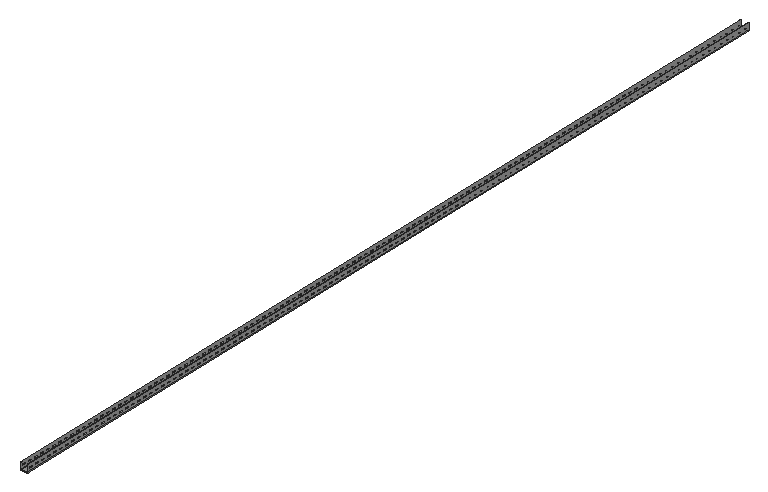
Revit family "U_stiel US 5 20 FT", category Generic Models, Revit 2017
Family settings
  Can host rebar = No
  Round Connector Dimension = Use Diameter
  Part Type = Normal
  Work Plane-Based = No
  Always vertical = Yes
  Cut with Voids When Loaded = No
  Shared = No
  Room Calculation Point = No
Parameters (values of type "US 5 600 FT")
  URL = "http://www.obo-bettermann.com"
  Material = Hot dip galvanised
  Manufacturer Art.No. = "6340997"
  Manufacturer = "OBO BETTERMANN"
  Length = 6000 mm
  GTIN = "4012196437719"
  Cut's space = 50 mm
  Cut's number = 120
  Article Type = "US 5 600 FT"
Reference planes
  plane 1 "Center (Front/Back)": y = 0
  plane 2: z = 0
  plane 3 "Center (Left/Right)": x = 0
  plane 4: y = 6000
  plane 5: y = 10
  plane 6: z = 25
  plane 7: z = 25
  plane 8: y = 9.875
  plane 9: z = 25
  plane 10: y = 59.875
  plane 11: z = 25
  plane 12: y = 109.875
  plane 13: z = 25
  plane 14: y = 159.875
  plane 15: y = 60
  plane 16: z = 25
  plane 17: y = 110
  plane 18: z = 25
  plane 19: y = 160
  plane 20: z = 25
  plane 21: y = 210
  plane 22: z = 25
  plane 23: y = 260
  plane 24: z = 25
  plane 25: y = 310
  plane 26: z = 25
  plane 27: y = 360
  plane 28: z = 25
  plane 29: y = 410
  plane 30: z = 25
  plane 31: y = 460
  plane 32: z = 25
  plane 33: y = 510
  plane 34: z = 25
  plane 35: y = 560
  plane 36: z = 25
  plane 37: y = 610
  plane 38: z = 25
  plane 39: y = 660
  plane 40: z = 25
  plane 41: y = 710
  plane 42: z = 25
  plane 43: y = 760
  plane 44: z = 25
  plane 45: y = 810
  plane 46: z = 25
  plane 47: y = 860
  plane 48: z = 25
  plane 49: y = 910
  plane 50: z = 25
  plane 51: y = 960
  plane 52: z = 25
  plane 53: y = 1010
  plane 54: z = 25
  plane 55: y = 1060
  plane 56: z = 25
  plane 57: y = 1110
  plane 58: z = 25
  plane 59: y = 1160
  plane 60: z = 25
  plane 61: y = 1210
  plane 62: z = 25
  plane 63: y = 1260
  plane 64: z = 25
  plane 65: y = 1310
  plane 66: z = 25
  plane 67: y = 1360
  plane 68: z = 25
  plane 69: y = 1410
  plane 70: z = 25
  plane 71: y = 1460
  plane 72: z = 25
  plane 73: y = 1510
  plane 74: z = 25
  plane 75: y = 1560
  plane 76: z = 25
  plane 77: y = 1610
  plane 78: z = 25
  plane 79: y = 1660
  plane 80: z = 25
  plane 81: y = 1710
  plane 82: z = 25
  plane 83: y = 1760
  plane 84: z = 25
  plane 85: y = 1810
  plane 86: z = 25
  plane 87: y = 1860
  plane 88: z = 25
  plane 89: y = 1910
  plane 90: z = 25
  plane 91: y = 1960
  plane 92: z = 25
  plane 93: y = 2010
  plane 94: z = 25
  plane 95: y = 2060
  plane 96: z = 25
  plane 97: y = 2110
  plane 98: z = 25
  plane 99: y = 2160
  plane 100: z = 25
  plane 101: y = 2210
  plane 102: z = 25
  plane 103: y = 2260
  plane 104: z = 25
  plane 105: y = 2310
  plane 106: z = 25
  plane 107: y = 2360
  plane 108: z = 25
  plane 109: y = 2410
  plane 110: z = 25
  plane 111: y = 2460
  plane 112: z = 25
  plane 113: y = 2510
  plane 114: z = 25
  plane 115: y = 2560
  plane 116: z = 25
  plane 117: y = 2610
  plane 118: z = 25
  plane 119: y = 2660
  plane 120: z = 25
  plane 121: y = 2710
  plane 122: z = 25
  plane 123: y = 2760
  plane 124: z = 25
  plane 125: y = 2810
  plane 126: z = 25
  plane 127: y = 2860
  plane 128: z = 25
  plane 129: y = 2910
  plane 130: z = 25
  plane 131: y = 2960
  plane 132: z = 25
  plane 133: y = 3010
  plane 134: z = 25
  plane 135: y = 3060
  plane 136: z = 25
  plane 137: y = 3110
  plane 138: z = 25
  plane 139: y = 3160
  plane 140: z = 25
  plane 141: y = 3210
  plane 142: z = 25
  plane 143: y = 3260
  plane 144: z = 25
  plane 145: y = 3310
  plane 146: z = 25
  plane 147: y = 3360
  plane 148: z = 25
  plane 149: y = 3410
  plane 150: z = 25
  plane 151: y = 3460
  plane 152: z = 25
  plane 153: y = 3510
  plane 154: z = 25
  plane 155: y = 3560
  plane 156: z = 25
  plane 157: y = 3610
  plane 158: z = 25
  plane 159: y = 3660
  plane 160: z = 25
  plane 161: y = 3710
  plane 162: z = 25
  plane 163: y = 3760
  plane 164: z = 25
  plane 165: y = 3810
  plane 166: z = 25
  plane 167: y = 3860
  plane 168: z = 25
  plane 169: y = 3910
  plane 170: z = 25
  plane 171: y = 3960
  plane 172: z = 25
  plane 173: y = 4010
  plane 174: z = 25
  plane 175: y = 4060
  plane 176: z = 25
  plane 177: y = 4110
  plane 178: z = 25
  plane 179: y = 4160
  plane 180: z = 25
  plane 181: y = 4210
  plane 182: z = 25
  plane 183: y = 4260
  plane 184: z = 25
  plane 185: y = 4310
  plane 186: z = 25
  plane 187: y = 4360
  plane 188: z = 25
  plane 189: y = 4410
  plane 190: z = 25
  plane 191: y = 4460
  plane 192: z = 25
  plane 193: y = 4510
  plane 194: z = 25
  plane 195: y = 4560
  plane 196: z = 25
  plane 197: y = 4610
  plane 198: z = 25
  plane 199: y = 4660
  plane 200: z = 25
  plane 201: y = 4710
  plane 202: z = 25
  plane 203: y = 4760
  plane 204: z = 25
  plane 205: y = 4810
  plane 206: z = 25
  plane 207: y = 4860
  plane 208: z = 25
  plane 209: y = 4910
  plane 210: z = 25
  plane 211: y = 4960
  plane 212: z = 25
  plane 213: y = 5010
  plane 214: z = 25
  plane 215: y = 5060
  plane 216: z = 25
  plane 217: y = 5110
  plane 218: z = 25
  plane 219: y = 5160
  plane 220: z = 25
  plane 221: y = 5210
  plane 222: z = 25
  plane 223: y = 5260
  plane 224: z = 25
  plane 225: y = 5310
  plane 226: z = 25
  plane 227: y = 5360
  plane 228: z = 25
  plane 229: y = 5410
  plane 230: z = 25
  plane 231: y = 5460
  plane 232: z = 25
  plane 233: y = 5510
  plane 234: z = 25
  plane 235: y = 5560
  plane 236: z = 25
  plane 237: y = 5610
  plane 238: z = 25
  plane 239: y = 5660
  plane 240: z = 25
  plane 241: y = 5710
  plane 242: z = 25
  plane 243: y = 5760
  plane 244: z = 25
  plane 245: y = 5810
  plane 246: z = 25
  plane 247: y = 5860
  plane 248: z = 25
  plane 249: y = 5910
  plane 250: z = 25
  plane 251: y = 5960
  plane 252: z = 25
  plane 253: z = 25
  plane 254: y = 209.875
  plane 255: z = 25
  plane 256: y = 259.875
  plane 257: z = 25
  plane 258: y = 309.875
  plane 259: z = 25
  plane 260: y = 359.875
  plane 261: z = 25
  plane 262: y = 409.875
  plane 263: z = 25
  plane 264: y = 459.875
  plane 265: z = 25
  plane 266: y = 509.875
  plane 267: z = 25
  plane 268: y = 559.875
  plane 269: z = 25
  plane 270: y = 609.875
  plane 271: z = 25
  plane 272: y = 659.875
  plane 273: z = 25
  plane 274: y = 709.875
  plane 275: z = 25
  plane 276: y = 759.875
  plane 277: z = 25
  plane 278: y = 809.875
  plane 279: z = 25
  plane 280: y = 859.875
  plane 281: z = 25
  plane 282: y = 909.875
  plane 283: z = 25
  plane 284: y = 959.875
  plane 285: z = 25
  plane 286: y = 1009.875
  plane 287: z = 25
  plane 288: y = 1059.875
  plane 289: z = 25
  plane 290: y = 1109.875
  plane 291: z = 25
  plane 292: y = 1159.875
  plane 293: z = 25
  plane 294: y = 1209.875
  plane 295: z = 25
  plane 296: y = 1259.875
  plane 297: z = 25
  plane 298: y = 1309.875
  plane 299: z = 25
  plane 300: y = 1359.875
  plane 301: z = 25
  plane 302: y = 1409.875
  plane 303: z = 25
  plane 304: y = 1459.875
  plane 305: z = 25
  plane 306: y = 1509.875
  plane 307: z = 25
  plane 308: y = 1559.875
  plane 309: z = 25
  plane 310: y = 1609.875
  plane 311: z = 25
  plane 312: y = 1659.875
  plane 313: z = 25
  plane 314: y = 1709.875
  plane 315: z = 25
  plane 316: y = 1759.875
  plane 317: z = 25
  plane 318: y = 1809.875
  plane 319: z = 25
  plane 320: y = 1859.875
  plane 321: z = 25
  plane 322: y = 1909.875
  plane 323: z = 25
  plane 324: y = 1959.875
  plane 325: z = 25
  plane 326: y = 2009.875
  plane 327: z = 25
  plane 328: y = 2059.875
  plane 329: z = 25
  plane 330: y = 2109.875
  plane 331: z = 25
  plane 332: y = 2159.875
  plane 333: z = 25
  plane 334: y = 2209.875
  plane 335: z = 25
  plane 336: y = 2259.875
  plane 337: z = 25
  plane 338: y = 2309.875
  plane 339: z = 25
  plane 340: y = 2359.875
  plane 341: z = 25
  plane 342: y = 2409.875
  plane 343: z = 25
  plane 344: y = 2459.875
  plane 345: z = 25
  plane 346: y = 2509.875
  plane 347: z = 25
  plane 348: y = 2559.875
  plane 349: z = 25
  plane 350: y = 2609.875
  plane 351: z = 25
  plane 352: y = 2659.875
  plane 353: z = 25
  plane 354: y = 2709.875
  plane 355: z = 25
  plane 356: y = 2759.875
  plane 357: z = 25
  plane 358: y = 2809.875
  plane 359: z = 25
  plane 360: y = 2859.875
  plane 361: z = 25
  plane 362: y = 2909.875
  plane 363: z = 25
  plane 364: y = 2959.875
  plane 365: z = 25
  plane 366: y = 3009.875
  plane 367: z = 25
  plane 368: y = 3059.875
  plane 369: z = 25
  plane 370: y = 3109.875
  plane 371: z = 25
  plane 372: y = 3159.875
  plane 373: z = 25
  plane 374: y = 3209.875
  plane 375: z = 25
  plane 376: y = 3259.875
  plane 377: z = 25
  plane 378: y = 3309.875
  plane 379: z = 25
  plane 380: y = 3359.875
  plane 381: z = 25
  plane 382: y = 3409.875
  plane 383: z = 25
  plane 384: y = 3459.875
  plane 385: z = 25
  plane 386: y = 3509.875
  plane 387: z = 25
  plane 388: y = 3559.875
  plane 389: z = 25
  plane 390: y = 3609.875
  plane 391: z = 25
  plane 392: y = 3659.875
  plane 393: z = 25
  plane 394: y = 3709.875
  plane 395: z = 25
  plane 396: y = 3759.875
  plane 397: z = 25
  plane 398: y = 3809.875
  plane 399: z = 25
  plane 400: y = 3859.875
  plane 401: z = 25
  plane 402: y = 3909.875
  plane 403: z = 25
  plane 404: y = 3959.875
  plane 405: z = 25
  plane 406: y = 4009.875
  plane 407: z = 25
  plane 408: y = 4059.875
  plane 409: z = 25
  plane 410: y = 4109.875
  plane 411: z = 25
  plane 412: y = 4159.875
  plane 413: z = 25
  plane 414: y = 4209.875
  plane 415: z = 25
  plane 416: y = 4259.875
  plane 417: z = 25
  plane 418: y = 4309.875
  plane 419: z = 25
  plane 420: y = 4359.875
  plane 421: z = 25
  plane 422: y = 4409.875
  plane 423: z = 25
  plane 424: y = 4459.875
  plane 425: z = 25
  plane 426: y = 4509.875
  plane 427: z = 25
  plane 428: y = 4559.875
  plane 429: z = 25
  plane 430: y = 4609.875
  plane 431: z = 25
  plane 432: y = 4659.875
  plane 433: z = 25
  plane 434: y = 4709.875
  plane 435: z = 25
  plane 436: y = 4759.875
  plane 437: z = 25
  plane 438: y = 4809.875
  plane 439: z = 25
  plane 440: y = 4859.875
  plane 441: z = 25
  plane 442: y = 4909.875
  plane 443: z = 25
  plane 444: y = 4959.875
  plane 445: z = 25
  plane 446: y = 5009.875
  plane 447: z = 25
  plane 448: y = 5059.875
  plane 449: z = 25
  plane 450: y = 5109.875
  plane 451: z = 25
  plane 452: y = 5159.875
  plane 453: z = 25
  plane 454: y = 5209.875
  plane 455: z = 25
  plane 456: y = 5259.875
  plane 457: z = 25
  plane 458: y = 5309.875
  plane 459: z = 25
  plane 460: y = 5359.875
  plane 461: z = 25
  plane 462: y = 5409.875
  plane 463: z = 25
  plane 464: y = 5459.875
  plane 465: z = 25
  plane 466: y = 5509.875
  plane 467: z = 25
  plane 468: y = 5559.875
  plane 469: z = 25
  plane 470: y = 5609.875
  plane 471: z = 25
  plane 472: y = 5659.875
  plane 473: z = 25
  plane 474: y = 5709.875
  plane 475: z = 25
  plane 476: y = 5759.875
  plane 477: z = 25
  plane 478: y = 5809.875
  plane 479: z = 25
  plane 480: y = 5859.875
  plane 481: z = 25
  plane 482: y = 5909.875
  plane 483: z = 25
  plane 484: y = 5959.875
Forms (mm)
  Extrusion 1, solid, material "Hot dip galvanised" <- "Material"
    sketch origin (0, 0, 0) x (1, 0, 0) y (0, 0, 1)
      loop
        line (4, 0) -> (46, 0)
        arc (46, 0) -> (48.828, 1.172) -> (50, 4) r 4
        line (50, 4) -> (50, 50) -> (47.5, 50) -> (47.5, 4)
        arc (47.5, 4) -> (47.061, 2.939) -> (46, 2.5) r 1.5
        line (46, 2.5) -> (4, 2.5)
        arc (4, 2.5) -> (2.939, 2.939) -> (2.5, 4) r 1.5
        line (2.5, 4) -> (2.5, 50) -> (0, 50) -> (0, 4)
        arc (0, 4) -> (1.172, 1.172) -> (4, 0) r 4
    from 0 to -6000
  Extrusion 2, void
    sketch origin (0, 0, 0) x (0, 1, 0) y (0, 0, 1)
      loop
        line (10, 30.5) -> (10, 19.5) -> (40, 19.5) -> (40, 30.5) -> (10, 30.5)
    from 47.5 to 50
  Extrusion 3, void
    sketch origin (0, 0, 0) x (0, 1, 0) y (0, 0, 1)
      loop
        line (10, 30.5) -> (10, 19.5) -> (40, 19.5) -> (40, 30.5) -> (10, 30.5)
    from 0 to 2.5
  Extrusion 4, void
    sketch origin (0, 50, 0) x (0, 1, 0) y (0, 0, 1)
      loop
        line (10, 30.5) -> (10, 19.5) -> (40, 19.5) -> (40, 30.5) -> (10, 30.5)
    from 0 to 2.5
  Extrusion 5, void
    sketch origin (0, 100, 0) x (0, 1, 0) y (0, 0, 1)
      loop
        line (10, 30.5) -> (10, 19.5) -> (40, 19.5) -> (40, 30.5) -> (10, 30.5)
    from 0 to 2.5
  Extrusion 6, void
    sketch origin (0, 150, 0) x (0, 1, 0) y (0, 0, 1)
      loop
        line (10, 30.5) -> (10, 19.5) -> (40, 19.5) -> (40, 30.5) -> (10, 30.5)
    from 0 to 2.5
  Extrusion 7, void
    sketch origin (0, 50, 0) x (0, 1, 0) y (0, 0, 1)
      loop
        line (10, 30.5) -> (10, 19.5) -> (40, 19.5) -> (40, 30.5) -> (10, 30.5)
    from 47.5 to 50
  Extrusion 8, void
    sketch origin (0, 100, 0) x (0, 1, 0) y (0, 0, 1)
      loop
        line (10, 30.5) -> (10, 19.5) -> (40, 19.5) -> (40, 30.5) -> (10, 30.5)
    from 47.5 to 50
  Extrusion 9, void
    sketch origin (0, 150, 0) x (0, 1, 0) y (0, 0, 1)
      loop
        line (10, 30.5) -> (10, 19.5) -> (40, 19.5) -> (40, 30.5) -> (10, 30.5)
    from 47.5 to 50
  Extrusion 10, void
    sketch origin (0, 200, 0) x (0, 1, 0) y (0, 0, 1)
      loop
        line (10, 30.5) -> (10, 19.5) -> (40, 19.5) -> (40, 30.5) -> (10, 30.5)
    from 47.5 to 50
  Extrusion 11, void
    sketch origin (0, 250, 0) x (0, 1, 0) y (0, 0, 1)
      loop
        line (10, 30.5) -> (10, 19.5) -> (40, 19.5) -> (40, 30.5) -> (10, 30.5)
    from 47.5 to 50
  Extrusion 12, void
    sketch origin (0, 300, 0) x (0, 1, 0) y (0, 0, 1)
      loop
        line (10, 30.5) -> (10, 19.5) -> (40, 19.5) -> (40, 30.5) -> (10, 30.5)
    from 47.5 to 50
  Extrusion 13, void
    sketch origin (0, 350, 0) x (0, 1, 0) y (0, 0, 1)
      loop
        line (10, 30.5) -> (10, 19.5) -> (40, 19.5) -> (40, 30.5) -> (10, 30.5)
    from 47.5 to 50
  Extrusion 14, void
    sketch origin (0, 400, 0) x (0, 1, 0) y (0, 0, 1)
      loop
        line (10, 30.5) -> (10, 19.5) -> (40, 19.5) -> (40, 30.5) -> (10, 30.5)
    from 47.5 to 50
  Extrusion 15, void
    sketch origin (0, 450, 0) x (0, 1, 0) y (0, 0, 1)
      loop
        line (10, 30.5) -> (10, 19.5) -> (40, 19.5) -> (40, 30.5) -> (10, 30.5)
    from 47.5 to 50
  Extrusion 16, void
    sketch origin (0, 500, 0) x (0, 1, 0) y (0, 0, 1)
      loop
        line (10, 30.5) -> (10, 19.5) -> (40, 19.5) -> (40, 30.5) -> (10, 30.5)
    from 47.5 to 50
  Extrusion 17, void
    sketch origin (0, 550, 0) x (0, 1, 0) y (0, 0, 1)
      loop
        line (10, 30.5) -> (10, 19.5) -> (40, 19.5) -> (40, 30.5) -> (10, 30.5)
    from 47.5 to 50
  Extrusion 18, void
    sketch origin (0, 600, 0) x (0, 1, 0) y (0, 0, 1)
      loop
        line (10, 30.5) -> (10, 19.5) -> (40, 19.5) -> (40, 30.5) -> (10, 30.5)
    from 47.5 to 50
  Extrusion 19, void
    sketch origin (0, 650, 0) x (0, 1, 0) y (0, 0, 1)
      loop
        line (10, 30.5) -> (10, 19.5) -> (40, 19.5) -> (40, 30.5) -> (10, 30.5)
    from 47.5 to 50
  Extrusion 20, void
    sketch origin (0, 700, 0) x (0, 1, 0) y (0, 0, 1)
      loop
        line (10, 30.5) -> (10, 19.5) -> (40, 19.5) -> (40, 30.5) -> (10, 30.5)
    from 47.5 to 50
  Extrusion 21, void
    sketch origin (0, 750, 0) x (0, 1, 0) y (0, 0, 1)
      loop
        line (10, 30.5) -> (10, 19.5) -> (40, 19.5) -> (40, 30.5) -> (10, 30.5)
    from 47.5 to 50
  Extrusion 22, void
    sketch origin (0, 800, 0) x (0, 1, 0) y (0, 0, 1)
      loop
        line (10, 30.5) -> (10, 19.5) -> (40, 19.5) -> (40, 30.5) -> (10, 30.5)
    from 47.5 to 50
  Extrusion 23, void
    sketch origin (0, 850, 0) x (0, 1, 0) y (0, 0, 1)
      loop
        line (10, 30.5) -> (10, 19.5) -> (40, 19.5) -> (40, 30.5) -> (10, 30.5)
    from 47.5 to 50
  Extrusion 24, void
    sketch origin (0, 900, 0) x (0, 1, 0) y (0, 0, 1)
      loop
        line (10, 30.5) -> (10, 19.5) -> (40, 19.5) -> (40, 30.5) -> (10, 30.5)
    from 47.5 to 50
  Extrusion 25, void
    sketch origin (0, 950, 0) x (0, 1, 0) y (0, 0, 1)
      loop
        line (10, 30.5) -> (10, 19.5) -> (40, 19.5) -> (40, 30.5) -> (10, 30.5)
    from 47.5 to 50
  Extrusion 26, void
    sketch origin (0, 1000, 0) x (0, 1, 0) y (0, 0, 1)
      loop
        line (10, 30.5) -> (10, 19.5) -> (40, 19.5) -> (40, 30.5) -> (10, 30.5)
    from 47.5 to 50
  Extrusion 27, void
    sketch origin (0, 1050, 0) x (0, 1, 0) y (0, 0, 1)
      loop
        line (10, 30.5) -> (10, 19.5) -> (40, 19.5) -> (40, 30.5) -> (10, 30.5)
    from 47.5 to 50
  Extrusion 28, void
    sketch origin (0, 1100, 0) x (0, 1, 0) y (0, 0, 1)
      loop
        line (10, 30.5) -> (10, 19.5) -> (40, 19.5) -> (40, 30.5) -> (10, 30.5)
    from 47.5 to 50
  Extrusion 29, void
    sketch origin (0, 1150, 0) x (0, 1, 0) y (0, 0, 1)
      loop
        line (10, 30.5) -> (10, 19.5) -> (40, 19.5) -> (40, 30.5) -> (10, 30.5)
    from 47.5 to 50
  Extrusion 30, void
    sketch origin (0, 1200, 0) x (0, 1, 0) y (0, 0, 1)
      loop
        line (10, 30.5) -> (10, 19.5) -> (40, 19.5) -> (40, 30.5) -> (10, 30.5)
    from 47.5 to 50
  Extrusion 31, void
    sketch origin (0, 1250, 0) x (0, 1, 0) y (0, 0, 1)
      loop
        line (10, 30.5) -> (10, 19.5) -> (40, 19.5) -> (40, 30.5) -> (10, 30.5)
    from 47.5 to 50
  Extrusion 32, void
    sketch origin (0, 1300, 0) x (0, 1, 0) y (0, 0, 1)
      loop
        line (10, 30.5) -> (10, 19.5) -> (40, 19.5) -> (40, 30.5) -> (10, 30.5)
    from 47.5 to 50
  Extrusion 33, void
    sketch origin (0, 1350, 0) x (0, 1, 0) y (0, 0, 1)
      loop
        line (10, 30.5) -> (10, 19.5) -> (40, 19.5) -> (40, 30.5) -> (10, 30.5)
    from 47.5 to 50
  Extrusion 34, void
    sketch origin (0, 1400, 0) x (0, 1, 0) y (0, 0, 1)
      loop
        line (10, 30.5) -> (10, 19.5) -> (40, 19.5) -> (40, 30.5) -> (10, 30.5)
    from 47.5 to 50
  Extrusion 35, void
    sketch origin (0, 1450, 0) x (0, 1, 0) y (0, 0, 1)
      loop
        line (10, 30.5) -> (10, 19.5) -> (40, 19.5) -> (40, 30.5) -> (10, 30.5)
    from 47.5 to 50
  Extrusion 36, void
    sketch origin (0, 1500, 0) x (0, 1, 0) y (0, 0, 1)
      loop
        line (10, 30.5) -> (10, 19.5) -> (40, 19.5) -> (40, 30.5) -> (10, 30.5)
    from 47.5 to 50
  Extrusion 37, void
    sketch origin (0, 1550, 0) x (0, 1, 0) y (0, 0, 1)
      loop
        line (10, 30.5) -> (10, 19.5) -> (40, 19.5) -> (40, 30.5) -> (10, 30.5)
    from 47.5 to 50
  Extrusion 38, void
    sketch origin (0, 1600, 0) x (0, 1, 0) y (0, 0, 1)
      loop
        line (10, 30.5) -> (10, 19.5) -> (40, 19.5) -> (40, 30.5) -> (10, 30.5)
    from 47.5 to 50
  Extrusion 39, void
    sketch origin (0, 1650, 0) x (0, 1, 0) y (0, 0, 1)
      loop
        line (10, 30.5) -> (10, 19.5) -> (40, 19.5) -> (40, 30.5) -> (10, 30.5)
    from 47.5 to 50
  Extrusion 40, void
    sketch origin (0, 1700, 0) x (0, 1, 0) y (0, 0, 1)
      loop
        line (10, 30.5) -> (10, 19.5) -> (40, 19.5) -> (40, 30.5) -> (10, 30.5)
    from 47.5 to 50
  Extrusion 41, void
    sketch origin (0, 1750, 0) x (0, 1, 0) y (0, 0, 1)
      loop
        line (10, 30.5) -> (10, 19.5) -> (40, 19.5) -> (40, 30.5) -> (10, 30.5)
    from 47.5 to 50
  Extrusion 42, void
    sketch origin (0, 1800, 0) x (0, 1, 0) y (0, 0, 1)
      loop
        line (10, 30.5) -> (10, 19.5) -> (40, 19.5) -> (40, 30.5) -> (10, 30.5)
    from 47.5 to 50
  Extrusion 43, void
    sketch origin (0, 1850, 0) x (0, 1, 0) y (0, 0, 1)
      loop
        line (10, 30.5) -> (10, 19.5) -> (40, 19.5) -> (40, 30.5) -> (10, 30.5)
    from 47.5 to 50
  Extrusion 44, void
    sketch origin (0, 1900, 0) x (0, 1, 0) y (0, 0, 1)
      loop
        line (10, 30.5) -> (10, 19.5) -> (40, 19.5) -> (40, 30.5) -> (10, 30.5)
    from 47.5 to 50
  Extrusion 45, void
    sketch origin (0, 1950, 0) x (0, 1, 0) y (0, 0, 1)
      loop
        line (10, 30.5) -> (10, 19.5) -> (40, 19.5) -> (40, 30.5) -> (10, 30.5)
    from 47.5 to 50
  Extrusion 46, void
    sketch origin (0, 2000, 0) x (0, 1, 0) y (0, 0, 1)
      loop
        line (10, 30.5) -> (10, 19.5) -> (40, 19.5) -> (40, 30.5) -> (10, 30.5)
    from 47.5 to 50
  Extrusion 47, void
    sketch origin (0, 2050, 0) x (0, 1, 0) y (0, 0, 1)
      loop
        line (10, 30.5) -> (10, 19.5) -> (40, 19.5) -> (40, 30.5) -> (10, 30.5)
    from 47.5 to 50
  Extrusion 48, void
    sketch origin (0, 2100, 0) x (0, 1, 0) y (0, 0, 1)
      loop
        line (10, 30.5) -> (10, 19.5) -> (40, 19.5) -> (40, 30.5) -> (10, 30.5)
    from 47.5 to 50
  Extrusion 49, void
    sketch origin (0, 2150, 0) x (0, 1, 0) y (0, 0, 1)
      loop
        line (10, 30.5) -> (10, 19.5) -> (40, 19.5) -> (40, 30.5) -> (10, 30.5)
    from 47.5 to 50
  Extrusion 50, void
    sketch origin (0, 2200, 0) x (0, 1, 0) y (0, 0, 1)
      loop
        line (10, 30.5) -> (10, 19.5) -> (40, 19.5) -> (40, 30.5) -> (10, 30.5)
    from 47.5 to 50
  Extrusion 51, void
    sketch origin (0, 2250, 0) x (0, 1, 0) y (0, 0, 1)
      loop
        line (10, 30.5) -> (10, 19.5) -> (40, 19.5) -> (40, 30.5) -> (10, 30.5)
    from 47.5 to 50
  Extrusion 52, void
    sketch origin (0, 2300, 0) x (0, 1, 0) y (0, 0, 1)
      loop
        line (10, 30.5) -> (10, 19.5) -> (40, 19.5) -> (40, 30.5) -> (10, 30.5)
    from 47.5 to 50
  Extrusion 53, void
    sketch origin (0, 2350, 0) x (0, 1, 0) y (0, 0, 1)
      loop
        line (10, 30.5) -> (10, 19.5) -> (40, 19.5) -> (40, 30.5) -> (10, 30.5)
    from 47.5 to 50
  Extrusion 54, void
    sketch origin (0, 2400, 0) x (0, 1, 0) y (0, 0, 1)
      loop
        line (10, 30.5) -> (10, 19.5) -> (40, 19.5) -> (40, 30.5) -> (10, 30.5)
    from 47.5 to 50
  Extrusion 55, void
    sketch origin (0, 2450, 0) x (0, 1, 0) y (0, 0, 1)
      loop
        line (10, 30.5) -> (10, 19.5) -> (40, 19.5) -> (40, 30.5) -> (10, 30.5)
    from 47.5 to 50
  Extrusion 56, void
    sketch origin (0, 2500, 0) x (0, 1, 0) y (0, 0, 1)
      loop
        line (10, 30.5) -> (10, 19.5) -> (40, 19.5) -> (40, 30.5) -> (10, 30.5)
    from 47.5 to 50
  Extrusion 57, void
    sketch origin (0, 2550, 0) x (0, 1, 0) y (0, 0, 1)
      loop
        line (10, 30.5) -> (10, 19.5) -> (40, 19.5) -> (40, 30.5) -> (10, 30.5)
    from 47.5 to 50
  Extrusion 58, void
    sketch origin (0, 2600, 0) x (0, 1, 0) y (0, 0, 1)
      loop
        line (10, 30.5) -> (10, 19.5) -> (40, 19.5) -> (40, 30.5) -> (10, 30.5)
    from 47.5 to 50
  Extrusion 59, void
    sketch origin (0, 2650, 0) x (0, 1, 0) y (0, 0, 1)
      loop
        line (10, 30.5) -> (10, 19.5) -> (40, 19.5) -> (40, 30.5) -> (10, 30.5)
    from 47.5 to 50
  Extrusion 60, void
    sketch origin (0, 2700, 0) x (0, 1, 0) y (0, 0, 1)
      loop
        line (10, 30.5) -> (10, 19.5) -> (40, 19.5) -> (40, 30.5) -> (10, 30.5)
    from 47.5 to 50
  Extrusion 61, void
    sketch origin (0, 2750, 0) x (0, 1, 0) y (0, 0, 1)
      loop
        line (10, 30.5) -> (10, 19.5) -> (40, 19.5) -> (40, 30.5) -> (10, 30.5)
    from 47.5 to 50
  Extrusion 62, void
    sketch origin (0, 2800, 0) x (0, 1, 0) y (0, 0, 1)
      loop
        line (10, 30.5) -> (10, 19.5) -> (40, 19.5) -> (40, 30.5) -> (10, 30.5)
    from 47.5 to 50
  Extrusion 63, void
    sketch origin (0, 2850, 0) x (0, 1, 0) y (0, 0, 1)
      loop
        line (10, 30.5) -> (10, 19.5) -> (40, 19.5) -> (40, 30.5) -> (10, 30.5)
    from 47.5 to 50
  Extrusion 64, void
    sketch origin (0, 2900, 0) x (0, 1, 0) y (0, 0, 1)
      loop
        line (10, 30.5) -> (10, 19.5) -> (40, 19.5) -> (40, 30.5) -> (10, 30.5)
    from 47.5 to 50
  Extrusion 65, void
    sketch origin (0, 2950, 0) x (0, 1, 0) y (0, 0, 1)
      loop
        line (10, 30.5) -> (10, 19.5) -> (40, 19.5) -> (40, 30.5) -> (10, 30.5)
    from 47.5 to 50
  Extrusion 66, void
    sketch origin (0, 3000, 0) x (0, 1, 0) y (0, 0, 1)
      loop
        line (10, 30.5) -> (10, 19.5) -> (40, 19.5) -> (40, 30.5) -> (10, 30.5)
    from 47.5 to 50
  Extrusion 67, void
    sketch origin (0, 3050, 0) x (0, 1, 0) y (0, 0, 1)
      loop
        line (10, 30.5) -> (10, 19.5) -> (40, 19.5) -> (40, 30.5) -> (10, 30.5)
    from 47.5 to 50
  Extrusion 68, void
    sketch origin (0, 3100, 0) x (0, 1, 0) y (0, 0, 1)
      loop
        line (10, 30.5) -> (10, 19.5) -> (40, 19.5) -> (40, 30.5) -> (10, 30.5)
    from 47.5 to 50
  Extrusion 69, void
    sketch origin (0, 3150, 0) x (0, 1, 0) y (0, 0, 1)
      loop
        line (10, 30.5) -> (10, 19.5) -> (40, 19.5) -> (40, 30.5) -> (10, 30.5)
    from 47.5 to 50
  Extrusion 70, void
    sketch origin (0, 3200, 0) x (0, 1, 0) y (0, 0, 1)
      loop
        line (10, 30.5) -> (10, 19.5) -> (40, 19.5) -> (40, 30.5) -> (10, 30.5)
    from 47.5 to 50
  Extrusion 71, void
    sketch origin (0, 3250, 0) x (0, 1, 0) y (0, 0, 1)
      loop
        line (10, 30.5) -> (10, 19.5) -> (40, 19.5) -> (40, 30.5) -> (10, 30.5)
    from 47.5 to 50
  Extrusion 72, void
    sketch origin (0, 3300, 0) x (0, 1, 0) y (0, 0, 1)
      loop
        line (10, 30.5) -> (10, 19.5) -> (40, 19.5) -> (40, 30.5) -> (10, 30.5)
    from 47.5 to 50
  Extrusion 73, void
    sketch origin (0, 3350, 0) x (0, 1, 0) y (0, 0, 1)
      loop
        line (10, 30.5) -> (10, 19.5) -> (40, 19.5) -> (40, 30.5) -> (10, 30.5)
    from 47.5 to 50
  Extrusion 74, void
    sketch origin (0, 3400, 0) x (0, 1, 0) y (0, 0, 1)
      loop
        line (10, 30.5) -> (10, 19.5) -> (40, 19.5) -> (40, 30.5) -> (10, 30.5)
    from 47.5 to 50
  Extrusion 75, void
    sketch origin (0, 3450, 0) x (0, 1, 0) y (0, 0, 1)
      loop
        line (10, 30.5) -> (10, 19.5) -> (40, 19.5) -> (40, 30.5) -> (10, 30.5)
    from 47.5 to 50
  Extrusion 76, void
    sketch origin (0, 3500, 0) x (0, 1, 0) y (0, 0, 1)
      loop
        line (10, 30.5) -> (10, 19.5) -> (40, 19.5) -> (40, 30.5) -> (10, 30.5)
    from 47.5 to 50
  Extrusion 77, void
    sketch origin (0, 3550, 0) x (0, 1, 0) y (0, 0, 1)
      loop
        line (10, 30.5) -> (10, 19.5) -> (40, 19.5) -> (40, 30.5) -> (10, 30.5)
    from 47.5 to 50
  Extrusion 78, void
    sketch origin (0, 3600, 0) x (0, 1, 0) y (0, 0, 1)
      loop
        line (10, 30.5) -> (10, 19.5) -> (40, 19.5) -> (40, 30.5) -> (10, 30.5)
    from 47.5 to 50
  Extrusion 79, void
    sketch origin (0, 3650, 0) x (0, 1, 0) y (0, 0, 1)
      loop
        line (10, 30.5) -> (10, 19.5) -> (40, 19.5) -> (40, 30.5) -> (10, 30.5)
    from 47.5 to 50
  Extrusion 80, void
    sketch origin (0, 3700, 0) x (0, 1, 0) y (0, 0, 1)
      loop
        line (10, 30.5) -> (10, 19.5) -> (40, 19.5) -> (40, 30.5) -> (10, 30.5)
    from 47.5 to 50
  Extrusion 81, void
    sketch origin (0, 3750, 0) x (0, 1, 0) y (0, 0, 1)
      loop
        line (10, 30.5) -> (10, 19.5) -> (40, 19.5) -> (40, 30.5) -> (10, 30.5)
    from 47.5 to 50
  Extrusion 82, void
    sketch origin (0, 3800, 0) x (0, 1, 0) y (0, 0, 1)
      loop
        line (10, 30.5) -> (10, 19.5) -> (40, 19.5) -> (40, 30.5) -> (10, 30.5)
    from 47.5 to 50
  Extrusion 83, void
    sketch origin (0, 3850, 0) x (0, 1, 0) y (0, 0, 1)
      loop
        line (10, 30.5) -> (10, 19.5) -> (40, 19.5) -> (40, 30.5) -> (10, 30.5)
    from 47.5 to 50
  Extrusion 84, void
    sketch origin (0, 3900, 0) x (0, 1, 0) y (0, 0, 1)
      loop
        line (10, 30.5) -> (10, 19.5) -> (40, 19.5) -> (40, 30.5) -> (10, 30.5)
    from 47.5 to 50
  Extrusion 85, void
    sketch origin (0, 3950, 0) x (0, 1, 0) y (0, 0, 1)
      loop
        line (10, 30.5) -> (10, 19.5) -> (40, 19.5) -> (40, 30.5) -> (10, 30.5)
    from 47.5 to 50
  Extrusion 86, void
    sketch origin (0, 4000, 0) x (0, 1, 0) y (0, 0, 1)
      loop
        line (10, 30.5) -> (10, 19.5) -> (40, 19.5) -> (40, 30.5) -> (10, 30.5)
    from 47.5 to 50
  Extrusion 87, void
    sketch origin (0, 4050, 0) x (0, 1, 0) y (0, 0, 1)
      loop
        line (10, 30.5) -> (10, 19.5) -> (40, 19.5) -> (40, 30.5) -> (10, 30.5)
    from 47.5 to 50
  Extrusion 88, void
    sketch origin (0, 4100, 0) x (0, 1, 0) y (0, 0, 1)
      loop
        line (10, 30.5) -> (10, 19.5) -> (40, 19.5) -> (40, 30.5) -> (10, 30.5)
    from 47.5 to 50
  Extrusion 89, void
    sketch origin (0, 4150, 0) x (0, 1, 0) y (0, 0, 1)
      loop
        line (10, 30.5) -> (10, 19.5) -> (40, 19.5) -> (40, 30.5) -> (10, 30.5)
    from 47.5 to 50
  Extrusion 90, void
    sketch origin (0, 4200, 0) x (0, 1, 0) y (0, 0, 1)
      loop
        line (10, 30.5) -> (10, 19.5) -> (40, 19.5) -> (40, 30.5) -> (10, 30.5)
    from 47.5 to 50
  Extrusion 91, void
    sketch origin (0, 4250, 0) x (0, 1, 0) y (0, 0, 1)
      loop
        line (10, 30.5) -> (10, 19.5) -> (40, 19.5) -> (40, 30.5) -> (10, 30.5)
    from 47.5 to 50
  Extrusion 92, void
    sketch origin (0, 4300, 0) x (0, 1, 0) y (0, 0, 1)
      loop
        line (10, 30.5) -> (10, 19.5) -> (40, 19.5) -> (40, 30.5) -> (10, 30.5)
    from 47.5 to 50
  Extrusion 93, void
    sketch origin (0, 4350, 0) x (0, 1, 0) y (0, 0, 1)
      loop
        line (10, 30.5) -> (10, 19.5) -> (40, 19.5) -> (40, 30.5) -> (10, 30.5)
    from 47.5 to 50
  Extrusion 94, void
    sketch origin (0, 4400, 0) x (0, 1, 0) y (0, 0, 1)
      loop
        line (10, 30.5) -> (10, 19.5) -> (40, 19.5) -> (40, 30.5) -> (10, 30.5)
    from 47.5 to 50
  Extrusion 95, void
    sketch origin (0, 4450, 0) x (0, 1, 0) y (0, 0, 1)
      loop
        line (10, 30.5) -> (10, 19.5) -> (40, 19.5) -> (40, 30.5) -> (10, 30.5)
    from 47.5 to 50
  Extrusion 96, void
    sketch origin (0, 4500, 0) x (0, 1, 0) y (0, 0, 1)
      loop
        line (10, 30.5) -> (10, 19.5) -> (40, 19.5) -> (40, 30.5) -> (10, 30.5)
    from 47.5 to 50
  Extrusion 97, void
    sketch origin (0, 4550, 0) x (0, 1, 0) y (0, 0, 1)
      loop
        line (10, 30.5) -> (10, 19.5) -> (40, 19.5) -> (40, 30.5) -> (10, 30.5)
    from 47.5 to 50
  Extrusion 98, void
    sketch origin (0, 4600, 0) x (0, 1, 0) y (0, 0, 1)
      loop
        line (10, 30.5) -> (10, 19.5) -> (40, 19.5) -> (40, 30.5) -> (10, 30.5)
    from 47.5 to 50
  Extrusion 99, void
    sketch origin (0, 4650, 0) x (0, 1, 0) y (0, 0, 1)
      loop
        line (10, 30.5) -> (10, 19.5) -> (40, 19.5) -> (40, 30.5) -> (10, 30.5)
    from 47.5 to 50
  Extrusion 100, void
    sketch origin (0, 4700, 0) x (0, 1, 0) y (0, 0, 1)
      loop
        line (10, 30.5) -> (10, 19.5) -> (40, 19.5) -> (40, 30.5) -> (10, 30.5)
    from 47.5 to 50
  Extrusion 101, void
    sketch origin (0, 4750, 0) x (0, 1, 0) y (0, 0, 1)
      loop
        line (10, 30.5) -> (10, 19.5) -> (40, 19.5) -> (40, 30.5) -> (10, 30.5)
    from 47.5 to 50
  Extrusion 102, void
    sketch origin (0, 4800, 0) x (0, 1, 0) y (0, 0, 1)
      loop
        line (10, 30.5) -> (10, 19.5) -> (40, 19.5) -> (40, 30.5) -> (10, 30.5)
    from 47.5 to 50
  Extrusion 103, void
    sketch origin (0, 4850, 0) x (0, 1, 0) y (0, 0, 1)
      loop
        line (10, 30.5) -> (10, 19.5) -> (40, 19.5) -> (40, 30.5) -> (10, 30.5)
    from 47.5 to 50
  Extrusion 104, void
    sketch origin (0, 4900, 0) x (0, 1, 0) y (0, 0, 1)
      loop
        line (10, 30.5) -> (10, 19.5) -> (40, 19.5) -> (40, 30.5) -> (10, 30.5)
    from 47.5 to 50
  Extrusion 105, void
    sketch origin (0, 4950, 0) x (0, 1, 0) y (0, 0, 1)
      loop
        line (10, 30.5) -> (10, 19.5) -> (40, 19.5) -> (40, 30.5) -> (10, 30.5)
    from 47.5 to 50
  Extrusion 106, void
    sketch origin (0, 5000, 0) x (0, 1, 0) y (0, 0, 1)
      loop
        line (10, 30.5) -> (10, 19.5) -> (40, 19.5) -> (40, 30.5) -> (10, 30.5)
    from 47.5 to 50
  Extrusion 107, void
    sketch origin (0, 5050, 0) x (0, 1, 0) y (0, 0, 1)
      loop
        line (10, 30.5) -> (10, 19.5) -> (40, 19.5) -> (40, 30.5) -> (10, 30.5)
    from 47.5 to 50
  Extrusion 108, void
    sketch origin (0, 5100, 0) x (0, 1, 0) y (0, 0, 1)
      loop
        line (10, 30.5) -> (10, 19.5) -> (40, 19.5) -> (40, 30.5) -> (10, 30.5)
    from 47.5 to 50
  Extrusion 109, void
    sketch origin (0, 5150, 0) x (0, 1, 0) y (0, 0, 1)
      loop
        line (10, 30.5) -> (10, 19.5) -> (40, 19.5) -> (40, 30.5) -> (10, 30.5)
    from 47.5 to 50
  Extrusion 110, void
    sketch origin (0, 5200, 0) x (0, 1, 0) y (0, 0, 1)
      loop
        line (10, 30.5) -> (10, 19.5) -> (40, 19.5) -> (40, 30.5) -> (10, 30.5)
    from 47.5 to 50
  Extrusion 111, void
    sketch origin (0, 5250, 0) x (0, 1, 0) y (0, 0, 1)
      loop
        line (10, 30.5) -> (10, 19.5) -> (40, 19.5) -> (40, 30.5) -> (10, 30.5)
    from 47.5 to 50
  Extrusion 112, void
    sketch origin (0, 5300, 0) x (0, 1, 0) y (0, 0, 1)
      loop
        line (10, 30.5) -> (10, 19.5) -> (40, 19.5) -> (40, 30.5) -> (10, 30.5)
    from 47.5 to 50
  Extrusion 113, void
    sketch origin (0, 5350, 0) x (0, 1, 0) y (0, 0, 1)
      loop
        line (10, 30.5) -> (10, 19.5) -> (40, 19.5) -> (40, 30.5) -> (10, 30.5)
    from 47.5 to 50
  Extrusion 114, void
    sketch origin (0, 5400, 0) x (0, 1, 0) y (0, 0, 1)
      loop
        line (10, 30.5) -> (10, 19.5) -> (40, 19.5) -> (40, 30.5) -> (10, 30.5)
    from 47.5 to 50
  Extrusion 115, void
    sketch origin (0, 5450, 0) x (0, 1, 0) y (0, 0, 1)
      loop
        line (10, 30.5) -> (10, 19.5) -> (40, 19.5) -> (40, 30.5) -> (10, 30.5)
    from 47.5 to 50
  Extrusion 116, void
    sketch origin (0, 5500, 0) x (0, 1, 0) y (0, 0, 1)
      loop
        line (10, 30.5) -> (10, 19.5) -> (40, 19.5) -> (40, 30.5) -> (10, 30.5)
    from 47.5 to 50
  Extrusion 117, void
    sketch origin (0, 5550, 0) x (0, 1, 0) y (0, 0, 1)
      loop
        line (10, 30.5) -> (10, 19.5) -> (40, 19.5) -> (40, 30.5) -> (10, 30.5)
    from 47.5 to 50
  Extrusion 118, void
    sketch origin (0, 5600, 0) x (0, 1, 0) y (0, 0, 1)
      loop
        line (10, 30.5) -> (10, 19.5) -> (40, 19.5) -> (40, 30.5) -> (10, 30.5)
    from 47.5 to 50
  Extrusion 119, void
    sketch origin (0, 5650, 0) x (0, 1, 0) y (0, 0, 1)
      loop
        line (10, 30.5) -> (10, 19.5) -> (40, 19.5) -> (40, 30.5) -> (10, 30.5)
    from 47.5 to 50
  Extrusion 120, void
    sketch origin (0, 5700, 0) x (0, 1, 0) y (0, 0, 1)
      loop
        line (10, 30.5) -> (10, 19.5) -> (40, 19.5) -> (40, 30.5) -> (10, 30.5)
    from 47.5 to 50
  Extrusion 121, void
    sketch origin (0, 5750, 0) x (0, 1, 0) y (0, 0, 1)
      loop
        line (10, 30.5) -> (10, 19.5) -> (40, 19.5) -> (40, 30.5) -> (10, 30.5)
    from 47.5 to 50
  Extrusion 122, void
    sketch origin (0, 5800, 0) x (0, 1, 0) y (0, 0, 1)
      loop
        line (10, 30.5) -> (10, 19.5) -> (40, 19.5) -> (40, 30.5) -> (10, 30.5)
    from 47.5 to 50
  Extrusion 123, void
    sketch origin (0, 5850, 0) x (0, 1, 0) y (0, 0, 1)
      loop
        line (10, 30.5) -> (10, 19.5) -> (40, 19.5) -> (40, 30.5) -> (10, 30.5)
    from 47.5 to 50
  Extrusion 124, void
    sketch origin (0, 5900, 0) x (0, 1, 0) y (0, 0, 1)
      loop
        line (10, 30.5) -> (10, 19.5) -> (40, 19.5) -> (40, 30.5) -> (10, 30.5)
    from 47.5 to 50
  Extrusion 125, void
    sketch origin (0, 5950, 0) x (0, 1, 0) y (0, 0, 1)
      loop
        line (10, 30.5) -> (10, 19.5) -> (40, 19.5) -> (40, 30.5) -> (10, 30.5)
    from 47.5 to 50
  Extrusion 126, void
    sketch origin (0, 200, 0) x (0, 1, 0) y (0, 0, 1)
      loop
        line (10, 30.5) -> (10, 19.5) -> (40, 19.5) -> (40, 30.5) -> (10, 30.5)
    from 0 to 2.5
  Extrusion 127, void
    sketch origin (0, 250, 0) x (0, 1, 0) y (0, 0, 1)
      loop
        line (10, 30.5) -> (10, 19.5) -> (40, 19.5) -> (40, 30.5) -> (10, 30.5)
    from 0 to 2.5
  Extrusion 128, void
    sketch origin (0, 300, 0) x (0, 1, 0) y (0, 0, 1)
      loop
        line (10, 30.5) -> (10, 19.5) -> (40, 19.5) -> (40, 30.5) -> (10, 30.5)
    from 0 to 2.5
  Extrusion 129, void
    sketch origin (0, 350, 0) x (0, 1, 0) y (0, 0, 1)
      loop
        line (10, 30.5) -> (10, 19.5) -> (40, 19.5) -> (40, 30.5) -> (10, 30.5)
    from 0 to 2.5
  Extrusion 130, void
    sketch origin (0, 400, 0) x (0, 1, 0) y (0, 0, 1)
      loop
        line (10, 30.5) -> (10, 19.5) -> (40, 19.5) -> (40, 30.5) -> (10, 30.5)
    from 0 to 2.5
  Extrusion 131, void
    sketch origin (0, 450, 0) x (0, 1, 0) y (0, 0, 1)
      loop
        line (10, 30.5) -> (10, 19.5) -> (40, 19.5) -> (40, 30.5) -> (10, 30.5)
    from 0 to 2.5
  Extrusion 132, void
    sketch origin (0, 500, 0) x (0, 1, 0) y (0, 0, 1)
      loop
        line (10, 30.5) -> (10, 19.5) -> (40, 19.5) -> (40, 30.5) -> (10, 30.5)
    from 0 to 2.5
  Extrusion 133, void
    sketch origin (0, 550, 0) x (0, 1, 0) y (0, 0, 1)
      loop
        line (10, 30.5) -> (10, 19.5) -> (40, 19.5) -> (40, 30.5) -> (10, 30.5)
    from 0 to 2.5
  Extrusion 134, void
    sketch origin (0, 600, 0) x (0, 1, 0) y (0, 0, 1)
      loop
        line (10, 30.5) -> (10, 19.5) -> (40, 19.5) -> (40, 30.5) -> (10, 30.5)
    from 0 to 2.5
  Extrusion 135, void
    sketch origin (0, 650, 0) x (0, 1, 0) y (0, 0, 1)
      loop
        line (10, 30.5) -> (10, 19.5) -> (40, 19.5) -> (40, 30.5) -> (10, 30.5)
    from 0 to 2.5
  Extrusion 136, void
    sketch origin (0, 700, 0) x (0, 1, 0) y (0, 0, 1)
      loop
        line (10, 30.5) -> (10, 19.5) -> (40, 19.5) -> (40, 30.5) -> (10, 30.5)
    from 0 to 2.5
  Extrusion 137, void
    sketch origin (0, 750, 0) x (0, 1, 0) y (0, 0, 1)
      loop
        line (10, 30.5) -> (10, 19.5) -> (40, 19.5) -> (40, 30.5) -> (10, 30.5)
    from 0 to 2.5
  Extrusion 138, void
    sketch origin (0, 800, 0) x (0, 1, 0) y (0, 0, 1)
      loop
        line (10, 30.5) -> (10, 19.5) -> (40, 19.5) -> (40, 30.5) -> (10, 30.5)
    from 0 to 2.5
  Extrusion 139, void
    sketch origin (0, 850, 0) x (0, 1, 0) y (0, 0, 1)
      loop
        line (10, 30.5) -> (10, 19.5) -> (40, 19.5) -> (40, 30.5) -> (10, 30.5)
    from 0 to 2.5
  Extrusion 140, void
    sketch origin (0, 900, 0) x (0, 1, 0) y (0, 0, 1)
      loop
        line (10, 30.5) -> (10, 19.5) -> (40, 19.5) -> (40, 30.5) -> (10, 30.5)
    from 0 to 2.5
  Extrusion 141, void
    sketch origin (0, 950, 0) x (0, 1, 0) y (0, 0, 1)
      loop
        line (10, 30.5) -> (10, 19.5) -> (40, 19.5) -> (40, 30.5) -> (10, 30.5)
    from 0 to 2.5
  Extrusion 142, void
    sketch origin (0, 1000, 0) x (0, 1, 0) y (0, 0, 1)
      loop
        line (10, 30.5) -> (10, 19.5) -> (40, 19.5) -> (40, 30.5) -> (10, 30.5)
    from 0 to 2.5
  Extrusion 143, void
    sketch origin (0, 1050, 0) x (0, 1, 0) y (0, 0, 1)
      loop
        line (10, 30.5) -> (10, 19.5) -> (40, 19.5) -> (40, 30.5) -> (10, 30.5)
    from 0 to 2.5
  Extrusion 144, void
    sketch origin (0, 1100, 0) x (0, 1, 0) y (0, 0, 1)
      loop
        line (10, 30.5) -> (10, 19.5) -> (40, 19.5) -> (40, 30.5) -> (10, 30.5)
    from 0 to 2.5
  Extrusion 145, void
    sketch origin (0, 1150, 0) x (0, 1, 0) y (0, 0, 1)
      loop
        line (10, 30.5) -> (10, 19.5) -> (40, 19.5) -> (40, 30.5) -> (10, 30.5)
    from 0 to 2.5
  Extrusion 146, void
    sketch origin (0, 1200, 0) x (0, 1, 0) y (0, 0, 1)
      loop
        line (10, 30.5) -> (10, 19.5) -> (40, 19.5) -> (40, 30.5) -> (10, 30.5)
    from 0 to 2.5
  Extrusion 147, void
    sketch origin (0, 1250, 0) x (0, 1, 0) y (0, 0, 1)
      loop
        line (10, 30.5) -> (10, 19.5) -> (40, 19.5) -> (40, 30.5) -> (10, 30.5)
    from 0 to 2.5
  Extrusion 148, void
    sketch origin (0, 1300, 0) x (0, 1, 0) y (0, 0, 1)
      loop
        line (10, 30.5) -> (10, 19.5) -> (40, 19.5) -> (40, 30.5) -> (10, 30.5)
    from 0 to 2.5
  Extrusion 149, void
    sketch origin (0, 1350, 0) x (0, 1, 0) y (0, 0, 1)
      loop
        line (10, 30.5) -> (10, 19.5) -> (40, 19.5) -> (40, 30.5) -> (10, 30.5)
    from 0 to 2.5
  Extrusion 150, void
    sketch origin (0, 1400, 0) x (0, 1, 0) y (0, 0, 1)
      loop
        line (10, 30.5) -> (10, 19.5) -> (40, 19.5) -> (40, 30.5) -> (10, 30.5)
    from 0 to 2.5
  Extrusion 151, void
    sketch origin (0, 1450, 0) x (0, 1, 0) y (0, 0, 1)
      loop
        line (10, 30.5) -> (10, 19.5) -> (40, 19.5) -> (40, 30.5) -> (10, 30.5)
    from 0 to 2.5
  Extrusion 152, void
    sketch origin (0, 1500, 0) x (0, 1, 0) y (0, 0, 1)
      loop
        line (10, 30.5) -> (10, 19.5) -> (40, 19.5) -> (40, 30.5) -> (10, 30.5)
    from 0 to 2.5
  Extrusion 153, void
    sketch origin (0, 1550, 0) x (0, 1, 0) y (0, 0, 1)
      loop
        line (10, 30.5) -> (10, 19.5) -> (40, 19.5) -> (40, 30.5) -> (10, 30.5)
    from 0 to 2.5
  Extrusion 154, void
    sketch origin (0, 1600, 0) x (0, 1, 0) y (0, 0, 1)
      loop
        line (10, 30.5) -> (10, 19.5) -> (40, 19.5) -> (40, 30.5) -> (10, 30.5)
    from 0 to 2.5
  Extrusion 155, void
    sketch origin (0, 1650, 0) x (0, 1, 0) y (0, 0, 1)
      loop
        line (10, 30.5) -> (10, 19.5) -> (40, 19.5) -> (40, 30.5) -> (10, 30.5)
    from 0 to 2.5
  Extrusion 156, void
    sketch origin (0, 1700, 0) x (0, 1, 0) y (0, 0, 1)
      loop
        line (10, 30.5) -> (10, 19.5) -> (40, 19.5) -> (40, 30.5) -> (10, 30.5)
    from 0 to 2.5
  Extrusion 157, void
    sketch origin (0, 1750, 0) x (0, 1, 0) y (0, 0, 1)
      loop
        line (10, 30.5) -> (10, 19.5) -> (40, 19.5) -> (40, 30.5) -> (10, 30.5)
    from 0 to 2.5
  Extrusion 158, void
    sketch origin (0, 1800, 0) x (0, 1, 0) y (0, 0, 1)
      loop
        line (10, 30.5) -> (10, 19.5) -> (40, 19.5) -> (40, 30.5) -> (10, 30.5)
    from 0 to 2.5
  Extrusion 159, void
    sketch origin (0, 1850, 0) x (0, 1, 0) y (0, 0, 1)
      loop
        line (10, 30.5) -> (10, 19.5) -> (40, 19.5) -> (40, 30.5) -> (10, 30.5)
    from 0 to 2.5
  Extrusion 160, void
    sketch origin (0, 1900, 0) x (0, 1, 0) y (0, 0, 1)
      loop
        line (10, 30.5) -> (10, 19.5) -> (40, 19.5) -> (40, 30.5) -> (10, 30.5)
    from 0 to 2.5
  Extrusion 161, void
    sketch origin (0, 1950, 0) x (0, 1, 0) y (0, 0, 1)
      loop
        line (10, 30.5) -> (10, 19.5) -> (40, 19.5) -> (40, 30.5) -> (10, 30.5)
    from 0 to 2.5
  Extrusion 162, void
    sketch origin (0, 2000, 0) x (0, 1, 0) y (0, 0, 1)
      loop
        line (10, 30.5) -> (10, 19.5) -> (40, 19.5) -> (40, 30.5) -> (10, 30.5)
    from 0 to 2.5
  Extrusion 163, void
    sketch origin (0, 2050, 0) x (0, 1, 0) y (0, 0, 1)
      loop
        line (10, 30.5) -> (10, 19.5) -> (40, 19.5) -> (40, 30.5) -> (10, 30.5)
    from 0 to 2.5
  Extrusion 164, void
    sketch origin (0, 2100, 0) x (0, 1, 0) y (0, 0, 1)
      loop
        line (10, 30.5) -> (10, 19.5) -> (40, 19.5) -> (40, 30.5) -> (10, 30.5)
    from 0 to 2.5
  Extrusion 165, void
    sketch origin (0, 2150, 0) x (0, 1, 0) y (0, 0, 1)
      loop
        line (10, 30.5) -> (10, 19.5) -> (40, 19.5) -> (40, 30.5) -> (10, 30.5)
    from 0 to 2.5
  Extrusion 166, void
    sketch origin (0, 2200, 0) x (0, 1, 0) y (0, 0, 1)
      loop
        line (10, 30.5) -> (10, 19.5) -> (40, 19.5) -> (40, 30.5) -> (10, 30.5)
    from 0 to 2.5
  Extrusion 167, void
    sketch origin (0, 2250, 0) x (0, 1, 0) y (0, 0, 1)
      loop
        line (10, 30.5) -> (10, 19.5) -> (40, 19.5) -> (40, 30.5) -> (10, 30.5)
    from 0 to 2.5
  Extrusion 168, void
    sketch origin (0, 2300, 0) x (0, 1, 0) y (0, 0, 1)
      loop
        line (10, 30.5) -> (10, 19.5) -> (40, 19.5) -> (40, 30.5) -> (10, 30.5)
    from 0 to 2.5
  Extrusion 169, void
    sketch origin (0, 2350, 0) x (0, 1, 0) y (0, 0, 1)
      loop
        line (10, 30.5) -> (10, 19.5) -> (40, 19.5) -> (40, 30.5) -> (10, 30.5)
    from 0 to 2.5
  Extrusion 170, void
    sketch origin (0, 2400, 0) x (0, 1, 0) y (0, 0, 1)
      loop
        line (10, 30.5) -> (10, 19.5) -> (40, 19.5) -> (40, 30.5) -> (10, 30.5)
    from 0 to 2.5
  Extrusion 171, void
    sketch origin (0, 2450, 0) x (0, 1, 0) y (0, 0, 1)
      loop
        line (10, 30.5) -> (10, 19.5) -> (40, 19.5) -> (40, 30.5) -> (10, 30.5)
    from 0 to 2.5
  Extrusion 172, void
    sketch origin (0, 2500, 0) x (0, 1, 0) y (0, 0, 1)
      loop
        line (10, 30.5) -> (10, 19.5) -> (40, 19.5) -> (40, 30.5) -> (10, 30.5)
    from 0 to 2.5
  Extrusion 173, void
    sketch origin (0, 2550, 0) x (0, 1, 0) y (0, 0, 1)
      loop
        line (10, 30.5) -> (10, 19.5) -> (40, 19.5) -> (40, 30.5) -> (10, 30.5)
    from 0 to 2.5
  Extrusion 174, void
    sketch origin (0, 2600, 0) x (0, 1, 0) y (0, 0, 1)
      loop
        line (10, 30.5) -> (10, 19.5) -> (40, 19.5) -> (40, 30.5) -> (10, 30.5)
    from 0 to 2.5
  Extrusion 175, void
    sketch origin (0, 2650, 0) x (0, 1, 0) y (0, 0, 1)
      loop
        line (10, 30.5) -> (10, 19.5) -> (40, 19.5) -> (40, 30.5) -> (10, 30.5)
    from 0 to 2.5
  Extrusion 176, void
    sketch origin (0, 2700, 0) x (0, 1, 0) y (0, 0, 1)
      loop
        line (10, 30.5) -> (10, 19.5) -> (40, 19.5) -> (40, 30.5) -> (10, 30.5)
    from 0 to 2.5
  Extrusion 177, void
    sketch origin (0, 2750, 0) x (0, 1, 0) y (0, 0, 1)
      loop
        line (10, 30.5) -> (10, 19.5) -> (40, 19.5) -> (40, 30.5) -> (10, 30.5)
    from 0 to 2.5
  Extrusion 178, void
    sketch origin (0, 2800, 0) x (0, 1, 0) y (0, 0, 1)
      loop
        line (10, 30.5) -> (10, 19.5) -> (40, 19.5) -> (40, 30.5) -> (10, 30.5)
    from 0 to 2.5
  Extrusion 179, void
    sketch origin (0, 2850, 0) x (0, 1, 0) y (0, 0, 1)
      loop
        line (10, 30.5) -> (10, 19.5) -> (40, 19.5) -> (40, 30.5) -> (10, 30.5)
    from 0 to 2.5
  Extrusion 180, void
    sketch origin (0, 2900, 0) x (0, 1, 0) y (0, 0, 1)
      loop
        line (10, 30.5) -> (10, 19.5) -> (40, 19.5) -> (40, 30.5) -> (10, 30.5)
    from 0 to 2.5
  Extrusion 181, void
    sketch origin (0, 2950, 0) x (0, 1, 0) y (0, 0, 1)
      loop
        line (10, 30.5) -> (10, 19.5) -> (40, 19.5) -> (40, 30.5) -> (10, 30.5)
    from 0 to 2.5
  Extrusion 182, void
    sketch origin (0, 3000, 0) x (0, 1, 0) y (0, 0, 1)
      loop
        line (10, 30.5) -> (10, 19.5) -> (40, 19.5) -> (40, 30.5) -> (10, 30.5)
    from 0 to 2.5
  Extrusion 183, void
    sketch origin (0, 3050, 0) x (0, 1, 0) y (0, 0, 1)
      loop
        line (10, 30.5) -> (10, 19.5) -> (40, 19.5) -> (40, 30.5) -> (10, 30.5)
    from 0 to 2.5
  Extrusion 184, void
    sketch origin (0, 3100, 0) x (0, 1, 0) y (0, 0, 1)
      loop
        line (10, 30.5) -> (10, 19.5) -> (40, 19.5) -> (40, 30.5) -> (10, 30.5)
    from 0 to 2.5
  Extrusion 185, void
    sketch origin (0, 3150, 0) x (0, 1, 0) y (0, 0, 1)
      loop
        line (10, 30.5) -> (10, 19.5) -> (40, 19.5) -> (40, 30.5) -> (10, 30.5)
    from 0 to 2.5
  Extrusion 186, void
    sketch origin (0, 3200, 0) x (0, 1, 0) y (0, 0, 1)
      loop
        line (10, 30.5) -> (10, 19.5) -> (40, 19.5) -> (40, 30.5) -> (10, 30.5)
    from 0 to 2.5
  Extrusion 187, void
    sketch origin (0, 3250, 0) x (0, 1, 0) y (0, 0, 1)
      loop
        line (10, 30.5) -> (10, 19.5) -> (40, 19.5) -> (40, 30.5) -> (10, 30.5)
    from 0 to 2.5
  Extrusion 188, void
    sketch origin (0, 3300, 0) x (0, 1, 0) y (0, 0, 1)
      loop
        line (10, 30.5) -> (10, 19.5) -> (40, 19.5) -> (40, 30.5) -> (10, 30.5)
    from 0 to 2.5
  Extrusion 189, void
    sketch origin (0, 3350, 0) x (0, 1, 0) y (0, 0, 1)
      loop
        line (10, 30.5) -> (10, 19.5) -> (40, 19.5) -> (40, 30.5) -> (10, 30.5)
    from 0 to 2.5
  Extrusion 190, void
    sketch origin (0, 3400, 0) x (0, 1, 0) y (0, 0, 1)
      loop
        line (10, 30.5) -> (10, 19.5) -> (40, 19.5) -> (40, 30.5) -> (10, 30.5)
    from 0 to 2.5
  Extrusion 191, void
    sketch origin (0, 3450, 0) x (0, 1, 0) y (0, 0, 1)
      loop
        line (10, 30.5) -> (10, 19.5) -> (40, 19.5) -> (40, 30.5) -> (10, 30.5)
    from 0 to 2.5
  Extrusion 192, void
    sketch origin (0, 3500, 0) x (0, 1, 0) y (0, 0, 1)
      loop
        line (10, 30.5) -> (10, 19.5) -> (40, 19.5) -> (40, 30.5) -> (10, 30.5)
    from 0 to 2.5
  Extrusion 193, void
    sketch origin (0, 3550, 0) x (0, 1, 0) y (0, 0, 1)
      loop
        line (10, 30.5) -> (10, 19.5) -> (40, 19.5) -> (40, 30.5) -> (10, 30.5)
    from 0 to 2.5
  Extrusion 194, void
    sketch origin (0, 3600, 0) x (0, 1, 0) y (0, 0, 1)
      loop
        line (10, 30.5) -> (10, 19.5) -> (40, 19.5) -> (40, 30.5) -> (10, 30.5)
    from 0 to 2.5
  Extrusion 195, void
    sketch origin (0, 3650, 0) x (0, 1, 0) y (0, 0, 1)
      loop
        line (10, 30.5) -> (10, 19.5) -> (40, 19.5) -> (40, 30.5) -> (10, 30.5)
    from 0 to 2.5
  Extrusion 196, void
    sketch origin (0, 3700, 0) x (0, 1, 0) y (0, 0, 1)
      loop
        line (10, 30.5) -> (10, 19.5) -> (40, 19.5) -> (40, 30.5) -> (10, 30.5)
    from 0 to 2.5
  Extrusion 197, void
    sketch origin (0, 3750, 0) x (0, 1, 0) y (0, 0, 1)
      loop
        line (10, 30.5) -> (10, 19.5) -> (40, 19.5) -> (40, 30.5) -> (10, 30.5)
    from 0 to 2.5
  Extrusion 198, void
    sketch origin (0, 3800, 0) x (0, 1, 0) y (0, 0, 1)
      loop
        line (10, 30.5) -> (10, 19.5) -> (40, 19.5) -> (40, 30.5) -> (10, 30.5)
    from 0 to 2.5
  Extrusion 199, void
    sketch origin (0, 3850, 0) x (0, 1, 0) y (0, 0, 1)
      loop
        line (10, 30.5) -> (10, 19.5) -> (40, 19.5) -> (40, 30.5) -> (10, 30.5)
    from 0 to 2.5
  Extrusion 200, void
    sketch origin (0, 3900, 0) x (0, 1, 0) y (0, 0, 1)
      loop
        line (10, 30.5) -> (10, 19.5) -> (40, 19.5) -> (40, 30.5) -> (10, 30.5)
    from 0 to 2.5
  Extrusion 201, void
    sketch origin (0, 3950, 0) x (0, 1, 0) y (0, 0, 1)
      loop
        line (10, 30.5) -> (10, 19.5) -> (40, 19.5) -> (40, 30.5) -> (10, 30.5)
    from 0 to 2.5
  Extrusion 202, void
    sketch origin (0, 4000, 0) x (0, 1, 0) y (0, 0, 1)
      loop
        line (10, 30.5) -> (10, 19.5) -> (40, 19.5) -> (40, 30.5) -> (10, 30.5)
    from 0 to 2.5
  Extrusion 203, void
    sketch origin (0, 4050, 0) x (0, 1, 0) y (0, 0, 1)
      loop
        line (10, 30.5) -> (10, 19.5) -> (40, 19.5) -> (40, 30.5) -> (10, 30.5)
    from 0 to 2.5
  Extrusion 204, void
    sketch origin (0, 4100, 0) x (0, 1, 0) y (0, 0, 1)
      loop
        line (10, 30.5) -> (10, 19.5) -> (40, 19.5) -> (40, 30.5) -> (10, 30.5)
    from 0 to 2.5
  Extrusion 205, void
    sketch origin (0, 4150, 0) x (0, 1, 0) y (0, 0, 1)
      loop
        line (10, 30.5) -> (10, 19.5) -> (40, 19.5) -> (40, 30.5) -> (10, 30.5)
    from 0 to 2.5
  Extrusion 206, void
    sketch origin (0, 4200, 0) x (0, 1, 0) y (0, 0, 1)
      loop
        line (10, 30.5) -> (10, 19.5) -> (40, 19.5) -> (40, 30.5) -> (10, 30.5)
    from 0 to 2.5
  Extrusion 207, void
    sketch origin (0, 4250, 0) x (0, 1, 0) y (0, 0, 1)
      loop
        line (10, 30.5) -> (10, 19.5) -> (40, 19.5) -> (40, 30.5) -> (10, 30.5)
    from 0 to 2.5
